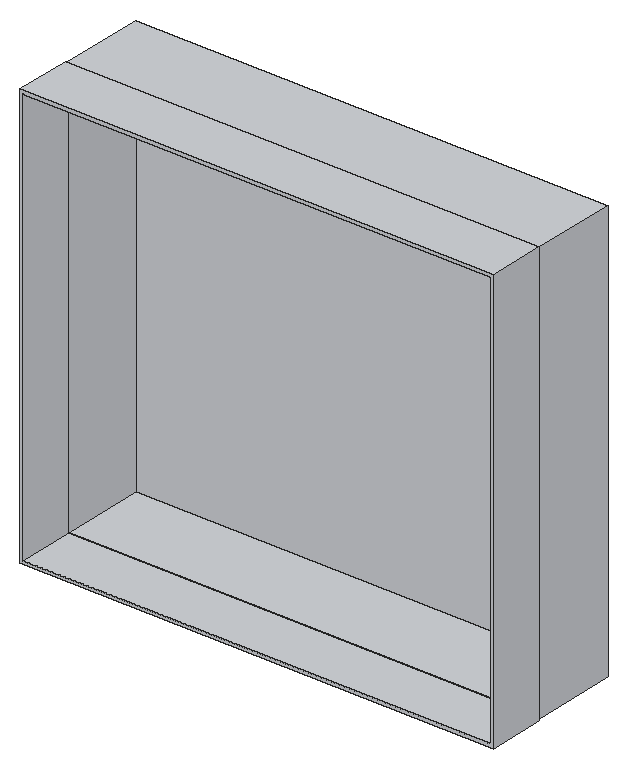
Revit family "Hager-Vega_D-IP30-vide-NoHosted-FR-fr", category Electrical Equipment, Revit 2020
Family settings
  Panel Configuration = Two Columns, Circuits Across
  Round Connector Dimension = Use Diameter
  Part Type = Panelboard
  Work Plane-Based = Yes
  Always vertical = Yes
  Cut with Voids When Loaded = No
  Shared = No
  Room Calculation Point = No
Parameters (values of type "Encastré IP30 L600 H537 P182 24 Modules - FU22AN")
  Width Control [instance] = if([HG000006 - Encastré], if([EF000846 - largeur d'encastrement] > min_whd, [EF000846 - largeur d'encastrement], min_whd), if([EF000008 - largeur] > min_whd, ([EF000008 - largeur]), min_whd))  # 600 mm
  Void Depth [instance] = if([EF000218 - profondeur d'encastrement] > 1 mm, [EF000218 - profondeur d'encastrement], 1 mm)  # 110 mm
  Type Comments = [HG000003 - Gamme]  # "Vega D"
  System Height [instance] = Height Control - 2 * [HG000005 - Epaisseur]  # 531 mm
  Panel Name [instance] = ""  # (empty or 0)
  Offset [instance] = 0 mm
  Model = [HG000004 - Référence fabricant]  # "FU22AN"
  Level Offset [instance] = [Flush Mounted - Door Frame Width] + Offset  # 0 mm
  HG000017 - Distance entre pôles = 18 mm
  HG000016 - Visibilité de la porte 3D [instance] = yes
  HG000015 - Visibilité de l'emprise de la porte [instance] = no
  HG000014 - Porte à droite [instance] = yes
  HG000013 - Porte à gauche [instance] = not([HG000014 - Porte à droite])  # no
  HG000012 - Angle de pivotement de la porte [instance] = 45.00°
  HG000011 - Rangées du bas vides = no
  HG000010 - Portes asymétriques = no
  HG000009 - Porte à double battant = no
  HG000008 - Nombre de rangées vides = 0
  HG000007 - Nombre de colonnes vides = 0
  HG000006 - Encastré = yes
  HG000005 - Epaisseur = 3 mm  # constant formula
  HG000004 - Référence fabricant = "FU22AN"
  HG000003 - Gamme = "Vega D"
  HG000002 - avec porte = no
  HG000001 - nombre de colonnes = 0
  EF015941 - porte pour transmission du signal = no
  EF015777 - borne à conducteur neutre = no
  EF015776 - borne de mise à la terre = no
  EF009212 - finition du couvercle = "EV009916 - avec échancrure"
  EF006306 - avec serrure = no
  EF006244 - couvercle/porte transparent(e) = no
  EF005474 - indice de protection (IP) = "EV006410 - IP30"
  EF004462 - type de fermeture = ""
  EF002950 - largeur en nombre de modules = 24
  EF001596 - matériau du boîtier/corps = "EV000154 - autre"
  EF001134 - rail DIN = yes
  EF001131 - profondeur intérieure = 110 mm
  EF001088 - possibilité de montage en saillie = yes
  EF001062 - finition CEM = no
  EF000846 - largeur d'encastrement = 600 mm
  EF000339 - type de capot = "EV000494 - sans"
  EF000332 - hauteur d'encastrement = 537 mm
  EF000266 - nombre de rangées = 0
  EF000218 - profondeur d'encastrement = 110 mm
  EF000118 - avec cadre/support de montage = no
  EF000116 - numéro RAL = "9010"
  EF000049 - profondeur = 182 mm
  EF000040 - hauteur = 537 mm
  EF000008 - largeur = 600 mm
  EF000007 - couleur = "EV000202 - blanc"
  EF000003 - mode de pose = "EV000383 - encastré"
  Description = ""
  Default Elevation = 1219.2 mm
  Arrow Offset [instance] = Depth Control / 8  # 13.75 mm
  Arrow Height [instance] = Depth Control - Arrow Offset  # 96.25 mm
  Host Offset [instance] = if([HG000006 - Encastré], 0 mm, [EF000049 - profondeur])  # 0 mm
  min_whd [instance] = (2 * [HG000005 - Epaisseur]) + 1 mm  # 7 mm
  Manufacturer = "Hager"  # constant formula
  Height Control [instance] = if([HG000006 - Encastré], if([EF000332 - hauteur d'encastrement] > min_whd, [EF000332 - hauteur d'encastrement], min_whd), if([EF000040 - hauteur] > min_whd, ([EF000040 - hauteur]), min_whd))  # 537 mm
  Flush Mounted - Door Frame Width [instance] = if(([EF000040 - hauteur] - [EF000332 - hauteur d'encastrement]) > 0 mm, if([HG000006 - Encastré], [EF000040 - hauteur] - [EF000332 - hauteur d'encastrement], 0 mm), 0 mm)  # 0 mm
  Depth Control [instance] = if([HG000006 - Encastré], if([EF000218 - profondeur d'encastrement] > 0 mm, [EF000218 - profondeur d'encastrement], 1 mm), if([EF000049 - profondeur] > 0 mm, ([EF000049 - profondeur]), 1 mm))  # 110 mm
Reference planes
  plane 1 "Center (Front/Back)": y = 0
  plane 2: z = 0
  plane 3 "Center (Left/Right)": x = 0
  plane 4: y = 3
  plane 5: y = 110
  plane 6: y = 0
  plane 7: z = 0
  plane 8: x = -300
  plane 9: x = 300
  plane 10: x = 297
  plane 11: x = -297
  plane 12: z = 0
  plane 13: z = 3
  plane 14: y = 5
  plane 15: y = 0
  plane 16: y = 107
  plane 17: z = 534
  plane 18: z = 537
  plane 19: z = 268.5
  plane 20: x = 0
  plane 21: y = -100
Forms (mm)
  Extrusion 1, solid
    sketch origin (-208.679, -4572, 0) x (-1, 0, 0) y (0, -1, 0)
      loop
        line (91.321, -4572) -> (-508.679, -4572) -> (-508.679, -4682) -> (91.321, -4682) -> (91.321, -4572)
    from 0 to 537 <- "Height Control"
  Extrusion 2, void
    sketch origin (-350.771, 0, 1219.2) x (1, 0, 0) y (0, 0, 1)
      loop
        line (53.771, -685.2) -> (53.771, -1216.2) -> (647.771, -1216.2) -> (647.771, -685.2) -> (53.771, -685.2)
    from 0 to -107
  Extrusion 3, solid, detail levels coarse+medium
    sketch origin (-350.771, 0, 1219.2) x (-1, 0, 0) y (0, 0, 1)
      loop
        line (-53.771, -685.2) -> (-647.771, -685.2) -> (-647.771, -1216.2) -> (-53.771, -1216.2) -> (-53.771, -685.2)
    from 0 to 3 <- "HG000005 - Epaisseur"
Cuts and joins
  Extrusion 2 cuts Extrusion 1
Dimensions and locks
  "Flush Mounted - Door Frame Width": plane 1 "Center (Front/Back)" to plane 6
  "HG000005 - Epaisseur": plane 4 to plane 6
  "HG000005 - Epaisseur": plane 8 to plane 11
  "HG000005 - Epaisseur": plane 9 to plane 10
  equal spacing: plane 8, plane 3 "Center (Left/Right)", plane 9
  "Width Control": plane 8 to plane 9
  locked: plane 14 to plane 15 at 5
  "Host Offset": plane 1 "Center (Front/Back)" to plane 15
  "Depth Control": plane 5 to plane 15
  "HG000005 - Epaisseur": plane 5 to plane 16
  "HG000005 - Epaisseur": plane 13 to plane 12
  "Level Offset": plane 12 to level
  "HG000005 - Epaisseur": plane 18 to plane 17
  "Height Control": plane 18 to plane 12
  "Arrow Offset": plane 5 to nested 4
  equal spacing: plane 18, plane 19, plane 12
  locked: connector elem to plane 19
  locked: connector elem to plane 3 "Center (Left/Right)"
  aligned and locked: nested 1 to plane 14
  aligned and locked: plane 3 "Center (Left/Right)" to nested 1
  aligned and locked: plane 3 "Center (Left/Right)" to nested 2
  aligned and locked: nested 2 to plane 15
  aligned and locked: plane 5 to Extrusion 1
  aligned and locked: Extrusion 3 sketch curve to plane 17
  aligned and locked: Extrusion 3 sketch curve to plane 11
  aligned and locked: Extrusion 3 sketch curve to plane 13
  aligned and locked: Extrusion 3 sketch curve to plane 10
  aligned and locked: Extrusion 2 sketch curve to plane 13
  aligned and locked: Extrusion 2 sketch curve to plane 10
  aligned and locked: Extrusion 2 sketch curve to plane 17
  aligned and locked: Extrusion 2 sketch curve to plane 11
  aligned and locked: plane 16 to Extrusion 2
  aligned and locked: plane 5 to Extrusion 1 sketch curve
  aligned and locked: plane 9 to Extrusion 1 sketch curve
  aligned and locked: plane 8 to Extrusion 1 sketch curve
  aligned and locked: plane 8 to nested 4
  aligned and locked: plane 8 to nested 3
  aligned and locked: nested 3 to plane 5
  aligned and locked: Extrusion 1 sketch curve to plane 15
  aligned and locked: Extrusion 2 to plane 15
Nested families
  nested 1: "Hager_Enclosure_System" at (0, 5, 3), Flush_Mounted <- "HG000006 - Encastré", Width <- "EF000008 - largeur", Height <- "System Height", Width_Control <- "Width Control", Row_Module_Multiplicator <- "EF002950 - largeur en nombre de modules", Empty_Columns <- "HG000007 - Nombre de colonnes vides", Built-in_Width <- "EF000846 - largeur d'encastrement", Border <- "HG000005 - Epaisseur", Total_No_Empty_Rows <- "HG000008 - Nombre de rangées vides", Depth <- "HG000005 - Epaisseur", Empty_Rows_From_Bottom <- "HG000011 - Rangées du bas vides", Distance_Between_Poles <- "HG000017 - Distance entre pôles", Rows_Count <- "EF000266 - nombre de rangées", Columns_Count <- "HG000001 - nombre de colonnes", type "Hager_Enclosure_System", detail levels medium+fine
    with Width_Control 600 mm, Width 600 mm, Total_No_Rows 0, Total_No_Empty_Rows 0, Total_No_Columns 1, System_Width 594 mm, Rows_Count 0, Rows_Column 0, Row_Module_Multiplicator 24, Panel_4 no, Panel_3 no, Panel_2 no, Panel_1 no, No_Panels_Ctrl 1, Hide_Columns yes, Height 531 mm, Flush_Mounted yes, Empty_Rows_From_Bottom no, Empty_Rows_Column 0, Empty_Columns 0, Distance_Between_Poles 18 mm, Depth 3 mm, Columns_Count 0, Column_Width 594 mm, Built-in_Width 600 mm, Border 3 mm
  nested 2: "Hager_Enclosure_Door" at (0, 0, 0), Double <- "HG000009 - Porte à double battant", Height_Ctrl <- "Height Control", Transparent <- "EF006244 - couvercle/porte transparent(e)", Depth <- "EF000049 - profondeur", Height <- "EF000040 - hauteur", Angle <- "HG000012 - Angle de pivotement de la porte", Door_Right <- "HG000014 - Porte à droite", Assymetrical <- "HG000010 - Portes asymétriques", Flush_Mounted <- "HG000006 - Encastré", BuiltIn_Depth <- "EF000218 - profondeur d'encastrement", BuiltIn_Width <- "EF000846 - largeur d'encastrement", Door <- "HG000002 - avec porte", Width_Ctrl <- "Width Control", 3d_Door <- "HG000016 - Visibilité de la porte 3D", Width <- "EF000008 - largeur", Border <- "HG000005 - Epaisseur", BuiltIn_Height <- "EF000332 - hauteur d'encastrement", Clearance <- "HG000015 - Visibilité de l'emprise de la porte", Door_Left <- "HG000013 - Porte à gauche", type "Hager_Enclosure_Door", detail levels medium+fine
    with min_wh 7 mm, Width_Ctrl 600 mm, Width 600 mm, Transparent_Door_No_Bottom_Border no, Transparent no, Leaf_Width 591 mm, Leaf_Tolerance 1.5 mm, Leaf_Height 528 mm, Leaf_2_Width 591 mm, Leaf_2_Offset 295.5 mm, Leaf_1_Width 591 mm, Leaf_1_Offset 295.5 mm, Height_Ctrl 537 mm, Height 537 mm, Frame_Width_Ctrl 1 mm, Frame_Width 0 mm, Frame_Internal_Offset 3 mm, Frame_Height_Ctrl 1 mm, Frame_Height 0 mm, Frame_Depth_Ctrl 72 mm, Frame_Depth 72 mm, Flush_Mounted yes, Double_Clearance_Ctrl no, Double no, Door_Right_Ctrl no, Door_Right yes, Door_Left_Ctrl no, Door_Left no, Door no, Depth 182 mm, Clearance_Depth 591 mm, Clearance_Ctrl no, Clearance no, BuiltIn_Width 600 mm, BuiltIn_Height 537 mm, BuiltIn_Depth 110 mm, Border 3 mm, Assymetrical no, Angle 45.00°, 3d_Door yes
  nested 3: "Hager_Enclosure_Symbol_Triangle" at (-300, 110, 0), Depth <- "Depth Control", Width <- "Width Control", type "Hager_Enclosure_Symbol_Triangle"
    with Width_Ctrl 600 mm, Width 600 mm, Depth_Ctrl 110 mm, Depth 110 mm
  nested 4: "Hager_Enclosure_Symbol_Arrow" at (-300, 96.25, 0), Height <- "Arrow Height", type "Hager_Enclosure_Symbol_Arrow"
    with Width_Inside 7.219 mm, Width 86.625 mm, Height_Ctrl 96.25 mm, Height 96.25 mm
Connectors
  electrical at (0, 110, 268.5)
    settings: on plane 5, index 1, voltage 0 V, apparent load 0 VA, apparent load phase1 0 VA, apparent load phase2 0 VA, apparent load phase3 0 VA, power factor 1, load classification "Other", number of poles 1, system type 30, power factor state 1, is connector primary yes, connector utility no, sub classification motor no, connector description ""
Definition of nested family "Hager_Enclosure_Door"
  Parameters (values of type "Hager_Enclosure_Door")
    min_wh [instance] = (2 * Border) + 1 mm  # 11 mm
    Width_Ctrl [instance] = 400 mm
    Width [instance] = 500 mm
    Transparent_Door_No_Bottom_Border [instance] = no
    Transparent [instance] = yes
    Leaf_Width [instance] = if((Width_Ctrl - 2 * Border - 2 * Leaf_Tolerance) > 0 mm, (Width_Ctrl - 2 * Border - 2 * Leaf_Tolerance), min_wh)  # 387 mm
    Leaf_Tolerance [instance] = 1.5 mm  # constant formula
    Leaf_Height [instance] = if((Height_Ctrl - 2 * Border - 2 * Leaf_Tolerance) > 0 mm, (Height_Ctrl - 2 * Border - 2 * Leaf_Tolerance), min_wh)  # 387 mm
    Leaf_2_Width [instance] = if(and(and(Double, Assymetrical), Door_Left), (Leaf_Width / 3) - (Leaf_Tolerance / 2), if(and(and(Double, Assymetrical), Door_Right), (Leaf_Width / 3) * 2 - (Leaf_Tolerance / 2), if(and(Double, not(Assymetrical)), (Leaf_Width / 2) - Leaf_Tolerance, Leaf_Width)))  # 387 mm
    Leaf_2_Offset [instance] = if(and(Double, Assymetrical), Leaf_2_Width / 2, if(and(Double, not(Assymetrical)), Leaf_Width / 4, Leaf_Width / 2))  # 193.5 mm
    Leaf_1_Width [instance] = if(and(and(Double, Assymetrical), Door_Right), (Leaf_Width / 3) - (Leaf_Tolerance / 2), if(and(and(Double, Assymetrical), Door_Left), (Width / 3) * 2 - (Leaf_Tolerance / 2), if(and(Double, not(Assymetrical)), (Leaf_Width / 2) - Leaf_Tolerance, Leaf_Width)))  # 387 mm
    Leaf_1_Offset [instance] = if(and(Double, Assymetrical), Leaf_1_Width / 2, if(and(Double, not(Assymetrical)), Leaf_Width / 4, Leaf_Width / 2))  # 193.5 mm
    Height_Ctrl [instance] = 400 mm
    Height [instance] = 500 mm
    Frame_Width_Ctrl [instance] = if(Frame_Width > 0 mm, Frame_Width, 1 mm)  # 1 mm
    Frame_Width [instance] = Width - BuiltIn_Width  # 0 mm
    Frame_Internal_Offset [instance] = if(Flush_Mounted, Border, 0 mm)  # 5 mm
    Frame_Height_Ctrl [instance] = if(Frame_Height > 0 mm, Frame_Height, 1 mm)  # 1 mm
    Frame_Height [instance] = Height - BuiltIn_Height  # 0 mm
    Frame_Depth_Ctrl [instance] = if(Frame_Depth > 0 mm, Frame_Depth, 1 mm)  # 1 mm
    Frame_Depth [instance] = if(Depth - BuiltIn_Depth > 0 mm, if(Flush_Mounted, Depth - BuiltIn_Depth, 0 mm), 0 mm)  # 0 mm
    Flush_Mounted [instance] = yes
    Double_Clearance_Ctrl [instance] = and(Double, Clearance)  # no
    Double [instance] = no
    Door_Right_Ctrl [instance] = and(or(Door_Right, Double), Door)  # yes
    Door_Right [instance] = yes
    Door_Left_Ctrl [instance] = and(or(Door_Left, Double), Door)  # no
    Door_Left [instance] = no
    Door [instance] = yes
    Depth [instance] = 500 mm
    Default Elevation = 1219.2 mm
    Clearance_Material = none
    Clearance_Depth [instance] = if(Leaf_1_Width > Leaf_2_Width, Leaf_1_Width, Leaf_2_Width)  # 387 mm
    Clearance_Ctrl [instance] = and(not(Double), Clearance)  # yes
    Clearance [instance] = yes
    BuiltIn_Width [instance] = 500 mm
    BuiltIn_Height [instance] = 500 mm
    BuiltIn_Depth [instance] = 500 mm
    Border [instance] = 5 mm
    Assymetrical [instance] = yes
    Angle [instance] = 30.00°
    3d_Door [instance] = yes
  Reference planes
    plane 1 "Center (Front/Back)": y = 0
    plane 2 "Bottom": z = 0
    plane 3 "Center (Left/Right)": x = 0
    plane 4: z = 400
    plane 5: x = -200
    plane 6: x = 200
    plane 7: z = 395
    plane 8: x = -195
    plane 9: z = 5
    plane 10: x = 195
    plane 11: y = 0
    plane 12: z = 6.5
    plane 13: x = -582
    plane 14: y = -387
    plane 15: x = 582
    plane 16: x = 0
    plane 17: x = 0
    plane 18: x = -193.5
    plane 19: x = 193.5
    plane 20: z = 393.5
  Forms (mm)
    Extrusion 1, solid, visible <- "Flush_Mounted"
      sketch origin (0, 0, 0) x (1, 0, 0) y (0, 0, 1)
        loop
          line (195, 5) -> (195, 395) -> (-195, 395) -> (-195, 5) -> (195, 5)
        loop
          line (-201, 401) -> (-201, -1) -> (201, -1) -> (201, 401) -> (-201, 401)
      from 0 to 1 <- "Frame_Depth_Ctrl"
    Extrusion 2, solid, material <- "Clearance_Material", visible <- "Double_Clearance_Ctrl"
      sketch origin (1200, 0, 0) x (1, 0, 0) y (0, 0, -1)
        loop
          line (-1782, -393.5) -> (-618, -393.5) -> (-618, 0) -> (-1782, 0) -> (-1782, -393.5)
      from 0 to -387
  Dimensions and locks
    equal spacing: plane 5, plane 3 "Center (Left/Right)", plane 6
    "Width_Ctrl": plane 5 to plane 6
    "Border": plane 5 to plane 8
    "Border": plane 6 to plane 10
    "Border": plane 9 to level
    "Border": plane 4 to plane 7
    "Height_Ctrl": plane 4 to level
    "Leaf_Tolerance": plane 12 to plane 9
    "Frame_Depth": plane 11 to plane 1 "Center (Front/Back)"
    "Frame_Width_Ctrl": plane 5 to Extrusion 1 sketch curve
    "Frame_Width_Ctrl": plane 6 to Extrusion 1 sketch curve
    "Frame_Width_Ctrl": Extrusion 1 sketch curve to plane 4
    "Frame_Width_Ctrl": plane 2 "Bottom" to Extrusion 1 sketch curve
    "Leaf_1_Offset": plane 18 to plane 16
    "Leaf_2_Offset": plane 17 to plane 19
    "Leaf_1_Width": plane 13 to plane 8
    "Leaf_2_Width": plane 10 to plane 15
    "Clearance_Depth": plane 14 to plane 1 "Center (Front/Back)"
    "Leaf_Tolerance": plane 8 to plane 18
    "Leaf_Tolerance": plane 19 to plane 10
    "Leaf_Tolerance": plane 7 to plane 20
    "Frame_Internal_Offset": plane 5 to Extrusion 1 sketch curve
    "Frame_Internal_Offset": Extrusion 1 sketch curve to plane 2 "Bottom"
    "Frame_Internal_Offset": plane 6 to Extrusion 1 sketch curve
    "Frame_Internal_Offset": plane 4 to Extrusion 1 sketch curve
    aligned and locked: level to plane 2 "Bottom"
    aligned and locked: nested 1 to plane 16
    aligned and locked: nested 2 to plane 17
    aligned and locked: Extrusion 2 to plane 13
    aligned and locked: plane 15 to Extrusion 2
    aligned and locked: Extrusion 2 to plane 14
    aligned and locked: plane 12 to nested 1
    aligned and locked: nested 2 to plane 12
    aligned and locked: Extrusion 2 to plane 11
    aligned and locked: plane 20 to Extrusion 2
    aligned and locked: nested 2 to plane 11
    aligned and locked: nested 1 to plane 11
  Automatic sketch dimensions
    Extrusion 2 sketch curve to level = 0 mm
    plane 5 to Extrusion 2 sketch curve = 382 mm
    plane 6 to Extrusion 2 sketch curve = 382 mm
    Extrusion 2 sketch curve to plane 4 = 6.5 mm
  Nested families
    nested 1: "Hager_Enclosure_Door_Leaf" at (0, 0, 6.5), Width <- "Leaf_1_Width", visible <- "Door_Left_Ctrl", Leaf_Height <- "Leaf_Height", Angle <- "Angle", Depth <- "Border", 3d_Door <- "3d_Door", Transparent <- "Transparent", Clearance Material <- "Clearance_Material", Clearance <- "Clearance_Ctrl", Transparent_Door_No_Bottom_Border <- "Transparent_Door_No_Bottom_Border", type "Hager_Enclosure_Door_Leaf"
      with Width 387 mm, Transparent_Door_No_Bottom_Border no, Transparent_Door_Border_Bottom_Top 25 mm, Transparent_Door_Border 25 mm, Transparent_Ctrl yes, Transparent yes, Standard no, Leaf_Height 387 mm, Glass_Offset 1 mm, Depth 5 mm, Clearance Material none, Clearance yes, Angle_Ctrl 30.00°, Angle 30.00°, 3d_Door yes
    nested 2: "Hager_Enclosure_Door_Leaf" at (0, 0, 6.5) x (-1, 0, 0) z (0, 0, 1), Width <- "Leaf_2_Width", visible <- "Door_Right_Ctrl", Leaf_Height <- "Leaf_Height", Angle <- "Angle", Depth <- "Border", 3d_Door <- "3d_Door", Transparent <- "Transparent", Clearance Material <- "Clearance_Material", Clearance <- "Clearance_Ctrl", Transparent_Door_No_Bottom_Border <- "Transparent_Door_No_Bottom_Border", type "Hager_Enclosure_Door_Leaf"
      with Width 387 mm, Transparent_Door_No_Bottom_Border no, Transparent_Door_Border_Bottom_Top 25 mm, Transparent_Door_Border 25 mm, Transparent_Ctrl yes, Transparent yes, Standard no, Leaf_Height 387 mm, Glass_Offset 1 mm, Depth 5 mm, Clearance Material none, Clearance yes, Angle_Ctrl 30.00°, Angle 30.00°, 3d_Door yes
  Definition of nested family "Hager_Enclosure_Door_Leaf"
    Parameters (values of type "Hager_Enclosure_Door_Leaf")
      Width [instance] = 2000 mm
      Transparent_Door_No_Bottom_Border [instance] = yes
      Transparent_Door_Border_Bottom_Top [instance] = if(Transparent_Door_No_Bottom_Border, 0.1 mm, Transparent_Door_Border)  # 0.1 mm
      Transparent_Door_Border [instance] = if(Transparent_Door_No_Bottom_Border, (Width * 0.12), 25 mm)  # 240 mm
      Transparent_Ctrl [instance] = and(Transparent, [3d_Door])  # yes
      Transparent [instance] = yes
      Standard [instance] = and(not(Transparent), [3d_Door])  # no
      Leaf_Height [instance] = 2720.336 mm
      Glass_Offset [instance] = if((Depth - 10 mm) / 2 > 0 mm, (Depth - 10 mm) / 2, 1 mm)  # 15 mm
      Glass_Material = none
      Depth [instance] = 40 mm
      Default Elevation = 0 mm
      Clearance Material [instance] = none
      Clearance [instance] = yes
      Angle_Ctrl [instance] = if(Angle > 170.00°, 170.00°, Angle)  # 45.00°
      Angle [instance] = 45.00°
      3d_Door [instance] = yes
    Reference planes
      plane 1 "Center (Front/Back)": y = 0
      plane 2: z = 0
      plane 3 "Center (Left/Right)": x = 0
      plane 4: y = 2000
      plane 5: x = -1000
      plane 6: x = 1000
      plane 7: x = -3000
      plane 8: z = 2720.336
      plane 9: z = 0.1
      plane 10: z = 2720.236
      plane 11: x = 760
      plane 12: x = -760
    Forms (mm)
      Extrusion 1, solid, material <- "Clearance Material", visible <- "Clearance"
        sketch origin (0, 0, 0) x (1, 0, 0) y (0, 0, 1)
          loop
            line (-3000, 2720.336) -> (-3000, 0) -> (1000, 0) -> (1000, 2720.336) -> (-3000, 2720.336)
        from 0 to -2000
      Extrusion 2, solid, visible <- "Standard", detail levels medium+fine
        sketch origin (-1000, 0, 0) x (0.707107, 0.707107, 0) y (-0.707107, 0.707107, 0)
          loop
            line (0, -40) -> (2000, -40) -> (2000, 0) -> (0, 0) -> (0, -40)
        from 0 to 2720.336 <- "Leaf_Height"
      Extrusion 3, solid, visible <- "Transparent_Ctrl", detail levels medium+fine
        sketch origin (-1000, 0, 0) x (0.707107, 0.707107, 0) y (-0.707107, 0.707107, 0)
          loop
            line (0, -40) -> (2000, -40) -> (2000, 0) -> (0, 0) -> (0, -40)
        from 0 to 2720.336 <- "Leaf_Height"
      Extrusion 4, void, detail levels medium+fine
        sketch origin (-1000, 0, 0) x (-0.707107, 0.707107, 0) y (0.707107, 0.707107, 0)
          loop
            line (0, 240) -> (0, 1760) -> (-40, 1760) -> (-40, 240) -> (0, 240)
        from -2720.236 to -0.1
      Extrusion 5, solid, material <- "Glass_Material", visible <- "Transparent_Ctrl", detail levels medium+fine
        sketch origin (-1000, 0, 0) x (0.707107, 0.707107, 0) y (-0.707107, 0.707107, 0)
          loop
            line (240, -15) -> (240, -25) -> (1760, -25) -> (1760, -15) -> (240, -15)
        from 0.1 to 2720.236
    Cuts and joins
      Extrusion 4 cuts Extrusion 3
    Lines and regions (mm)
      symbolic lines
        curve 1: line (1000, 0, 0) -> (-3000, 0, 0)
        curve 2: arc (1000, 0, 0) -> (-1000, 2000, 0) -> (-3000, 0, 0) r 2000
        curve 4: line (-1000, 0, 0) -> (414.214, 1414.214, 0)
      reference lines
        curve 3: line (-1000, 0, 0) -> (414.214, 1414.214, 0)
      symbolic lines, detail levels medium+fine
        curve 5: line (414.214, 1414.214, 0) -> (442.498, 1385.929, 0)
        curve 6: line (442.498, 1385.929, 0) -> (-971.716, -28.284, 0)
        curve 7: line (-971.716, -28.284, 0) -> (-1000, 0, 0)
        curve 8: line (-1000, 0, 2720.336) -> (1000, 0, 2720.336)
        curve 9: line (-1000, 0, 0) -> (-1000, 0, 2720.336)
        curve 10: line (1000, 0, 0) -> (-1000, 0, 0)
        curve 11: line (1000, 0, 2720.336) -> (1000, 0, 0)
      symbolic lines, visible <- "Transparent_Ctrl", detail levels medium+fine
        curve 12: line (-760, 0, 2720.236) -> (760, 0, 2720.236)
        curve 13: line (-760, 0, 0.1) -> (-760, 0, 2720.236)
        curve 14: line (760, 0, 0.1) -> (-760, 0, 0.1)
        curve 15: line (760, 0, 2720.236) -> (760, 0, 0.1)
    Dimensions and locks
      "Width": plane 1 "Center (Front/Back)" to plane 4
      equal spacing: plane 5, plane 3 "Center (Left/Right)", plane 6
      "Width": plane 5 to plane 6
      "Width": plane 7 to plane 5
      "Leaf_Height": plane 8 to level
      "Depth": curve 6 to curve 3
      "Width": curve 5 to curve 3
      "Width": curve 3 to curve 3
      "Transparent_Door_Border": Extrusion 4 sketch curve to curve 7
      "Transparent_Door_Border": Extrusion 4 sketch curve to curve 5
      "Transparent_Door_Border_Bottom_Top": plane 8 to plane 10
      "Transparent_Door_Border_Bottom_Top": plane 9 to level
      "Glass_Offset": Extrusion 5 sketch curve to curve 4
      "Glass_Offset": Extrusion 5 sketch curve to curve 6
      "Transparent_Door_Border": Extrusion 5 sketch curve to curve 5
      "Transparent_Door_Border": Extrusion 5 sketch curve to curve 7
      "Transparent_Door_Border": plane 12 to plane 5
      "Transparent_Door_Border": plane 6 to plane 11
      "Angle_Ctrl": angle plane 1 "Center (Front/Back)" to curve 3
      aligned and locked: level to plane 2
      aligned and locked: Extrusion 1 to curve 1
      aligned and locked: plane 6 to Extrusion 1
      aligned and locked: Extrusion 1 to plane 1 "Center (Front/Back)"
      aligned and locked: plane 4 to Extrusion 1
      aligned and locked: plane 8 to Extrusion 1
      aligned and locked: curve 4 to curve 3
      aligned and locked: Extrusion 2 sketch curve to curve 7
      aligned and locked: Extrusion 2 sketch curve to curve 6
      aligned and locked: Extrusion 2 sketch curve to curve 5
      aligned and locked: Extrusion 2 sketch curve to curve 3
      aligned and locked: curve 7 to Extrusion 3 sketch curve
      aligned and locked: Extrusion 3 sketch curve to curve 4
      aligned and locked: Extrusion 3 sketch curve to curve 6
      aligned and locked: Extrusion 3 sketch curve to curve 5
      aligned and locked: curve 4 to Extrusion 4 sketch curve
      aligned and locked: curve 6 to Extrusion 4 sketch curve
      aligned and locked: Extrusion 4 to plane 9
      aligned and locked: Extrusion 4 to plane 10
      aligned and locked: Extrusion 5 to plane 9
      aligned and locked: Extrusion 5 to plane 10
      aligned and locked: curve 8 to plane 8
      aligned and locked: plane 5 to curve 9
      aligned and locked: plane 2 to curve 10
      aligned and locked: curve 11 to plane 6
      aligned and locked: plane 10 to curve 12
      aligned and locked: plane 12 to curve 13
      aligned and locked: curve 14 to plane 9
      aligned and locked: plane 11 to curve 15
    Automatic sketch dimensions
      plane 1 "Center (Front/Back)" to curve 2 = 0 mm
      curve 2 to plane 5 = 0 mm
      Extrusion 1 sketch curve to level = 0 mm
      Extrusion 1 sketch curve to plane 7 = 0 mm
      Extrusion 1 sketch curve to plane 6 = 0 mm
      Extrusion 1 sketch curve to plane 8 = 0 mm
      plane 1 "Center (Front/Back)" to curve 3 = 0 mm
      curve 3 to plane 5 = 0 mm
      curve 7 to curve 3 = 0 mm
Definition of nested family "Hager_Enclosure_Symbol_Triangle"
  Parameters (values of type "Hager_Enclosure_Symbol_Triangle")
    Width_Ctrl [instance] = if(Width > 1 mm, Width, 1 mm)  # 498 mm
    Width [instance] = 498 mm
    Depth_Ctrl [instance] = if(Depth > 1 mm, Depth, 1 mm)  # 72 mm
    Depth [instance] = 72 mm
  Reference planes
    plane 1 "Centre (avant/arrière)": y = 0
    plane 2: z = 0
    plane 3 "Centre (gauche/droite)": x = 0
  Lines and regions (mm)
    Filled region 1, type "Solid_Black", in view "Niveau de réf."
      outline origin (0, 0, 0) x (1, 0, 0) y (0, 1, 0)
        loop
          line (0, 0) -> (498, 0) -> (498, 72) -> (0, 0)
    reference lines, in view "Niveau de réf."
      curve 1: line (-206.153, 72, 0) -> (1083.258, 72, 0)
      curve 2: line (498, 405.456, 0) -> (498, -517.619, 0)
  Dimensions and locks
    "Depth_Ctrl": plane 1 "Centre (avant/arrière)" to curve 1
    "Width_Ctrl": plane 3 "Centre (gauche/droite)" to curve 2
    aligned and locked: curve 1 to Filled region 1 sketch curve
    aligned and locked: Filled region 1 sketch curve to plane 1 "Centre (avant/arrière)"
    aligned and locked: curve 2 to Filled region 1 sketch curve
    aligned and locked: plane 3 "Centre (gauche/droite)" to Filled region 1 sketch curve
    aligned and locked: plane 1 "Centre (avant/arrière)" to Filled region 1 sketch curve
  Automatic sketch dimensions
    curve 1 to plane 3 "Centre (gauche/droite)" = 206.153 mm
    curve 2 to curve 1 = 585.258 mm
    plane 1 "Centre (avant/arrière)" to curve 2 = 517.619 mm
    curve 2 to plane 1 "Centre (avant/arrière)" = 405.456 mm
Definition of nested family "Hager_Enclosure_Symbol_Arrow"
  Parameters (values of type "Hager_Enclosure_Symbol_Arrow")
    Width_Inside [instance] = if(Width / 12 > 2 mm, Width / 12, 2 mm)  # 4.987 mm
    Width [instance] = if(Height_Ctrl * 0.9 > 2 mm, Height_Ctrl * 0.9, 2 mm)  # 59.85 mm
    Height_Ctrl [instance] = if(Height > 2 mm, Height, 2 mm)  # 66.5 mm
    Height [instance] = 66.5 mm
  Reference planes
    plane 1 "Centre (avant/arrière)": y = 0
    plane 2: z = 0
    plane 3 "Centre (gauche/droite)": x = 0
    plane 4: x = 59.85
    plane 5: y = 28.263
    plane 6: y = 38.238
    plane 7: y = 66.5
    plane 8: x = 29.925
    plane 9: y = 33.25
  Lines and regions (mm)
    Filled region 1, type "Solid_Black", in view "Niveau de réf."
      outline origin (0, 0, 0) x (1, 0, 0) y (0, 1, 0)
        loop
          line (59.85, 66.5) -> (37.929, 52.827) -> (51.846, 41.935) -> (59.85, 66.5)
    detail lines, in view "Niveau de réf."
      curve 1: line (0, 0, 0) -> (29.925, 38.238, 0)
      curve 2: line (29.925, 38.238, 0) -> (29.925, 28.263, 0)
      curve 3: line (29.925, 28.263, 0) -> (59.85, 66.5, 0)
  Dimensions and locks
    "Width": plane 3 "Centre (gauche/droite)" to plane 4
    "Height_Ctrl": plane 7 to plane 1 "Centre (avant/arrière)"
    equal spacing: plane 3 "Centre (gauche/droite)", plane 8, plane 4
    equal spacing: plane 7, plane 9, plane 1 "Centre (avant/arrière)"
    equal spacing: plane 6, plane 9, plane 5
    "Width_Inside": plane 6 to plane 9
    equal spacing: curve 3, Filled region 1 sketch curve, Filled region 1 sketch curve
    angle Filled region 1 sketch curve to curve 3 = 20.00°
    angle curve 3 to Filled region 1 sketch curve = 20.00°
    locked: curve 3 to Filled region 1 sketch curve (angle 90.00°)
  Automatic sketch dimensions
    plane 1 "Centre (avant/arrière)" to curve 1 = 0 mm
    curve 1 to plane 3 "Centre (gauche/droite)" = 0 mm
    curve 2 to plane 6 = 0 mm
    curve 3 to plane 8 = 0 mm
    curve 3 to plane 4 = 0 mm
    curve 2 to plane 5 = 0 mm
    curve 3 to plane 7 = 0 mm
    Filled region 1 sketch curve to plane 4 = 0 mm
    Filled region 1 sketch curve to plane 7 = 0 mm
